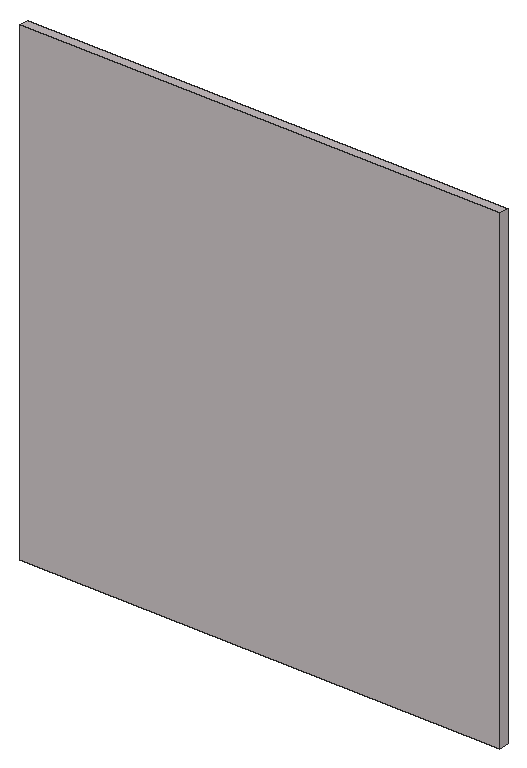
Revit family "LISTON COOKING NEGRO CU_453761601", category Modelos genéricos, Revit 2024
Family settings
  Puede alojar armadura = No
  Cota de conector redondo = Usar diámetro
  Tipo de pieza = Normal
  Se basa en plano de trabajo = No
  Siempre vertical = Sí
  Corte con vacíos al cargar = No
  Mantener orientación de anotación = No
  Compartido = No
  Punto de cálculo de habitación = No
Parameters
  Elevación por defecto = 0 mm
Reference planes
  plane 1 "Center (Front/Back)": y = 0
  plane 2: z = 0
  plane 3 "Center (Left/Right)": x = 0
Forms (mm)
  Extrusion 1, solid, material "Analytical Panels"
    sketch origin (0, 0, 0) x (1, 0, 0) y (0, 1, 0)
      loop
        line (-1366.384, -136.448) -> (-1366.384, -194.576) -> (1633.616, -194.576) -> (1633.616, -136.448) -> (-1366.384, -136.448)
    from 0 to 3000
Dimensions and locks
  Extrusion 1 sketch curve to Extrusion 1 sketch curve = 58.128 mm
  Extrusion 1 to Extrusion 1 = 3000 mm  (x2)
  aligned and locked: level to plane 2
